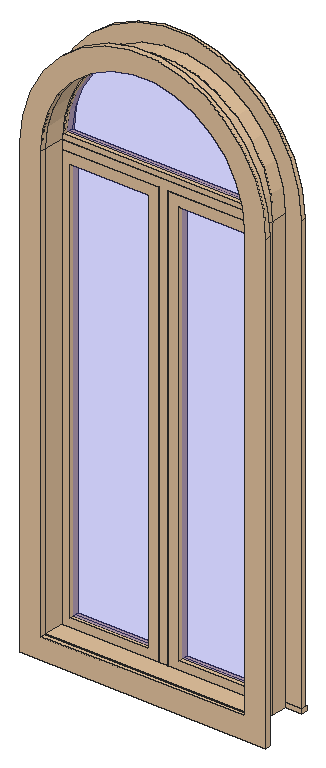
Revit family
Parameters (values of type "0915 x 1830mm")
  유리 창 재료 = 유리
  Height = 1830.00 mm
  Model = ""
  섀시 = 섀시
  기본 씰 높이 = 305.00 mm
  자르기 외부 재료 = 자르기
  자르기 내부 재료 = 자르기
  자르기 투영 - 외부 = 13.00 mm
  자르기 투영 - 내부 = 19.00 mm
  자르기 폭 - 외부 = 89.00 mm
  자르기 폭 - 내부 = 89.00 mm
  Wall Closure = (empty or 0)
  Width = 915.00 mm
  창 인세트 = 19.00 mm
Types (5, lengths in mm): name | Height | 기본 씰 높이 | Width
  (no name) | 1830.00 | 305.00 | 915.00
  0915 x 1830mm | 1830.00 | 305.00 | 915.00
  0915 x 1220mm | 1220.00 | 915.00 | 915.00
  1220 x 1220mm | 1220.00 | 915.00 | 1220.00
  1220 x 1830mm | 1830.00 | 305.00 | 1220.00
Reference planes
  plane 1: y = 0
  plane 2 "중심": x = 8.002
  plane 3 "왼쪽": x = 465.502
  plane 4 "오른쪽": x = -449.498
  plane 5 "씰": z = 305
  plane 6 "상단": z = 2135
  plane 7: z = 2154.05
  plane 8: z = 2154.05
  plane 9: z = 2154.05
  plane 10: z = 2154.05
  plane 11: z = 2154.05
  plane 12: z = 2154.05
  plane 13: z = 2154.05
  plane 14 "반지름": z = 1220
  plane 15: x = -430.448
  plane 16: x = -417.748
  plane 17: x = -519.448
  plane 18: x = -506.748
  plane 19: x = 433.752
  plane 20: x = 446.452
  plane 21: x = 522.752
  plane 22: x = 535.452
  plane 23: z = 247.75
  plane 24: z = 336.75
  plane 25 "마무리": y = 28.625
Forms (mm)
  Extrusion 1, solid, material "자르기" <- "자르기 내부 재료"
    sketch origin (8.002, -19.05, 0) x (-1, 0, 0) y (0, 0, 1)
      loop
        line (-457.5, 2154.05) -> (-457.5, 305) -> (457.5, 305) -> (457.5, 2154.05)
        arc (457.5, 2154.05) -> (0, 2611.55) -> (-457.5, 2154.05) r 457.5
      loop
        line (-425.75, 2154.05) -> (-425.75, 336.75) -> (425.75, 336.75) -> (425.75, 2154.05)
        arc (425.75, 2154.05) -> (0, 2579.8) -> (-425.75, 2154.05) r 425.75
    from 31.8 to -57.15
  Extrusion 2, solid, material "섀시" <- "섀시"
    sketch origin (8.002, -19.05, 0) x (-1, 0, 0) y (0, 0, 1)
      loop
        line (19.05, 2115.95) -> (19.05, 324.05) -> (438.45, 324.05) -> (438.45, 2115.95) -> (19.05, 2115.95)
      loop
        line (63.5, 2071.5) -> (63.5, 368.5) -> (394, 368.5) -> (394, 2071.5) -> (63.5, 2071.5)
    from 31.8 to 76.25
  Extrusion 3, solid, material "유리" <- "유리 창 재료"
    sketch origin (-116.968, -19.05, -117.036) x (1, 0, 0) y (0, 0, 1)
      loop
        line (-269.029, 2188.536) -> (-269.029, 485.536) -> (61.471, 485.536) -> (61.471, 2188.536) -> (-269.029, 2188.536)
    from -60.375 to -47.675
  Extrusion 4, solid, material "자르기" <- "자르기 외부 재료"
    sketch origin (8.002, -19.05, 0) x (-1, 0, 0) y (0, 0, 1)
      loop
        arc (-438.45, 2154.05) -> (0, 2592.5) -> (438.45, 2154.05) r 438.45
        line (438.45, 2154.05) -> (438.45, 324.05) -> (527.45, 324.05) -> (527.45, 2154.05)
        arc (527.45, 2154.05) -> (0, 2681.5) -> (-527.45, 2154.05) r 527.45
        line (-527.45, 2154.05) -> (-527.45, 324.05) -> (-438.45, 324.05) -> (-438.45, 2154.05)
    from 95.25 to 108.25
  Extrusion 5, solid, material "자르기" <- "자르기 외부 재료"
    sketch origin (8.002, -19.05, 0) x (-1, 0, 0) y (0, 0, 1)
      loop
        line (-527.45, 324.05) -> (-527.45, 305) -> (527.45, 305) -> (527.45, 324.05) -> (-527.45, 324.05)
    from 95.25 to 120.95
  Extrusion 6, solid, material "섀시" <- "섀시"
    sketch origin (8.002, -19.05, 0) x (1, 0, 0) y (0, 0, 1)
      loop
        line (-19.05, 2115.95) -> (-19.05, 324.05) -> (19.05, 324.05) -> (19.05, 2115.95) -> (438.45, 2115.95) -> (438.45, 2154.05) -> (-438.45, 2154.05) -> (-438.45, 2115.95) -> (-19.05, 2115.95)
    from -95.3 to -31.8
  Extrusion 7, solid, material "섀시" <- "섀시"
    sketch origin (8.002, -19.05, 0) x (-1, 0, 0) y (0, 0, 1)
      loop
        line (-438.45, 2115.95) -> (-438.45, 324.05) -> (-19.05, 324.05) -> (-19.05, 2115.95) -> (-438.45, 2115.95)
      loop
        line (-394, 2071.5) -> (-394, 368.5) -> (-63.5, 368.5) -> (-63.5, 2071.5) -> (-394, 2071.5)
    from 31.8 to 76.25
  Extrusion 8, solid, material "유리" <- "유리 창 재료"
    sketch origin (8.002, -19.05, 0) x (-1, 0, 0) y (0, 0, 1)
      loop
        line (-394, 2071.5) -> (-394, 368.5) -> (-63.5, 368.5) -> (-63.5, 2071.5) -> (-394, 2071.5)
    from 47.675 to 60.375
  Extrusion 9, solid, material "자르기" <- "자르기 외부 재료"
    sketch origin (0, -19.05, 0) x (1, 0, 0) y (0, 0, 1)
      loop
        line (-449.498, 2154.05) -> (-449.498, 305) -> (465.502, 305) -> (465.502, 2154.05)
        arc (465.502, 2154.05) -> (8.002, 2611.55) -> (-449.498, 2154.05) r 457.5
      loop
        line (-430.448, 2154.05) -> (-430.448, 324.05) -> (446.452, 324.05) -> (446.452, 2154.05)
        arc (446.452, 2154.05) -> (8.002, 2592.5) -> (-430.448, 2154.05) r 438.45
    from -95.25 to -31.8
  Extrusion 10, solid, material "섀시" <- "섀시"
    sketch origin (0, 0, 0) x (-1, 0, 0) y (0, 0, 1)
      loop
        arc (430.448, 2154.05) -> (-8.002, 2592.5) -> (-446.452, 2154.05) r 438.45
        line (-446.452, 2154.05) -> (430.448, 2154.05)
      loop
        arc (411.08, 2173.1) -> (-8.002, 2573.565) -> (-427.085, 2173.1) r 419.515
        line (-427.085, 2173.1) -> (411.08, 2173.1)
    from 12.75 to 57.2
  Extrusion 11, solid, material "유리" <- "유리 창 재료"
    sketch origin (0, 0, 0) x (-1, 0, 0) y (0, 0, 1)
      loop
        arc (411.08, 2173.1) -> (-8.002, 2573.565) -> (-427.085, 2173.1) r 419.515
        line (-427.085, 2173.1) -> (411.08, 2173.1)
    from 28.625 to 41.325
  Extrusion 12, solid, material "자르기" <- "자르기 내부 재료"
    sketch origin (0, 0, 0) x (1, 0, 0) y (0, 0, 1)
      loop
        arc (433.752, 2154.05) -> (8.002, 2579.8) -> (-417.748, 2154.05) r 425.75
        line (-417.748, 2154.05) -> (-417.748, 336.75) -> (433.752, 336.75) -> (433.752, 2154.05)
      loop
        arc (522.752, 2154.05) -> (8.002, 2668.8) -> (-506.748, 2154.05) r 514.75
        line (-506.748, 2154.05) -> (-506.748, 247.75) -> (522.752, 247.75) -> (522.752, 2154.05)
    from 76.2 to 95.2
Lines and regions (mm)
  Opening 1
    outline origin (-1524, -76.2, 0) x (1, 0, 0) y (0, 0, 1)
      loop
        line (1074.502, 2154.05) -> (1074.502, 305) -> (1989.502, 305) -> (1989.502, 2154.05)
        arc (1989.502, 2154.05) -> (1532.002, 2611.55) -> (1074.502, 2154.05) r 457.5
  symbolic lines, style "Windows"
    curve 1: line (-430.448, 76.2, 0) -> (-430.448, 12.75, 0)
    curve 2: line (-417.748, 12.75, 0) -> (-417.748, -76.2, 0)
    curve 3: line (-449.498, 76.2, 0) -> (-430.448, 76.2, 0)
    curve 4: line (-417.748, 12.75, 0) -> (-430.448, 12.75, 0)
    curve 5: line (-417.748, -76.2, 0) -> (-449.498, -76.2, 0)
    curve 6: line (-430.448, 57.2, 0) -> (-385.998, 57.2, 0)
    curve 7: line (-430.448, 57.2, 0) -> (-430.448, 12.75, 0)
    curve 8: line (-430.448, 12.75, 0) -> (-385.998, 12.75, 0)
    curve 9: line (-385.998, 57.2, 0) -> (-385.998, 12.75, 0)
    curve 10: line (446.452, 76.2, 0) -> (446.452, 12.75, 0)
    curve 11: line (433.752, 12.75, 0) -> (433.752, -76.2, 0)
    curve 12: line (402.002, 57.2, 0) -> (402.002, 12.75, 0)
    curve 13: line (446.452, 76.2, 0) -> (465.502, 76.2, 0)
    curve 14: line (402.002, 57.2, 0) -> (446.452, 57.2, 0)
    curve 15: line (402.002, 12.75, 0) -> (446.452, 12.75, 0)
    curve 16: line (433.752, -76.2, 0) -> (465.502, -76.2, 0)
    curve 17: line (-55.498, 12.75, 0) -> (-55.498, 57.2, 0)
    curve 18: line (-55.498, 57.2, 0) -> (-11.048, 57.2, 0)
    curve 19: line (-11.048, 57.2, 0) -> (-11.048, 76.25, 0)
    curve 20: line (-11.048, 76.25, 0) -> (27.052, 76.25, 0)
    curve 21: line (27.052, 76.25, 0) -> (27.052, 57.2, 0)
    curve 22: line (27.052, 57.2, 0) -> (71.502, 57.2, 0)
    curve 23: line (71.502, 57.2, 0) -> (71.502, 12.75, 0)
    curve 24: line (71.502, 12.75, 0) -> (-55.498, 12.75, 0)
    curve 25: line (-11.048, 57.2, 0) -> (-11.048, 12.75, 0)
    curve 26: line (27.052, 57.2, 0) -> (27.052, 12.75, 0)
    curve 27: line (-385.998, 34.975, 0) -> (-55.498, 34.975, 0)
    curve 28: line (71.502, 34.975, 0) -> (402.002, 34.975, 0)
  symbolic lines, style "입면도 스윙"
    curve 29: line (27.052, 0, 2115.95) -> (446.452, 0, 1220)
    curve 30: line (446.452, 0, 1220) -> (27.052, 0, 324.05)
    curve 31: line (-11.048, 0, 324.05) -> (-430.448, 0, 1220)
    curve 32: line (-11.048, 0, 2115.95) -> (-430.448, 0, 1220)
Text (mm)
  text "외부" at (0, 1019.848, 3124.603), in view "오른쪽"
  text "외부" at (-1787.662, 723.012, 0), in view "바닥 선"
  text "외부" at (0, 1206.291, 3571.227), in view "왼쪽"
Dimensions and locks
  equal spacing: plane 4 "오른쪽", plane 2 "중심", plane 3 "왼쪽"
  "기본 씰 높이": host wall to plane 5 "씰"
  locked: plane 6 "상단" to plane 7 at 19.05
  locked: plane 6 "상단" to plane 8 at 19.05
  locked: plane 6 "상단" to plane 9 at 19.05
  locked: plane 6 "상단" to plane 10 at 19.05
  locked: plane 6 "상단" to plane 11 at 19.05
  locked: plane 6 "상단" to plane 12 at 19.05
  locked: Extrusion 6 to Extrusion 2 at 19.05
  "자르기 투영 - 외부": Extrusion 4 to Extrusion 4
  locked: Extrusion 5 to Extrusion 4 at 12.7
  locked: Extrusion 2 to Extrusion 2 at 44.45
  locked: Extrusion 2 to Extrusion 3 at 15.875
  locked: Extrusion 3 to Extrusion 3 at 12.7
  locked: Extrusion 6 to Extrusion 6 at 63.5
  "자르기 투영 - 내부": Extrusion 12 to Extrusion 12
  "창 인세트": Extrusion 4 to Extrusion 10
  equal spacing: plane 5 "씰", plane 14 "반지름", plane 6 "상단"
  locked: plane 13 to plane 6 "상단" at 19.05
  locked: plane 20 to plane 3 "왼쪽" at 19.05
  locked: plane 19 to plane 3 "왼쪽" at 31.75
  locked: plane 4 "오른쪽" to plane 15 at 19.05
  locked: plane 4 "오른쪽" to plane 16 at 31.75
  "자르기 폭 - 외부": plane 22 to plane 20
  "자르기 폭 - 외부": plane 15 to plane 17
  locked: plane 24 to plane 5 "씰" at 31.75
  "자르기 폭 - 내부": plane 24 to plane 23
  "자르기 폭 - 내부": plane 16 to plane 18
  "자르기 폭 - 내부": plane 21 to plane 19
  locked: Extrusion 5 sketch curve to Extrusion 5 sketch curve at 19.05
  "Width": plane 4 "오른쪽" to plane 3 "왼쪽"
  "Height": plane 5 "씰" to plane 6 "상단"
  locked: host wall to plane 25 "마무리" at 47.575
  aligned and locked: plane 4 "오른쪽" to Opening 1 sketch curve  (x2)
  aligned and locked: plane 3 "왼쪽" to Opening 1 sketch curve
  aligned and locked: Extrusion 3 sketch curve to Extrusion 2  (x4)
  aligned and locked: Extrusion 5 sketch curve to Extrusion 4
  aligned and locked: Extrusion 2 sketch curve to Extrusion 6
  aligned and locked: Extrusion 7 sketch curve to Extrusion 6  (x2)
  aligned and locked: Extrusion 8 sketch curve to Extrusion 7  (x4)
  aligned and locked: plane 8 to Extrusion 4 sketch curve  (x2)
  aligned and locked: Extrusion 4 sketch curve to plane 8
  aligned and locked: Extrusion 9 sketch curve to Extrusion 4  (x3)
  aligned and locked: Extrusion 9 sketch curve to plane 3 "왼쪽"
  aligned and locked: Extrusion 9 sketch curve to plane 4 "오른쪽"
  aligned and locked: Extrusion 1 sketch curve to Extrusion 9  (x2)
  aligned and locked: Extrusion 9 to Extrusion 1
  aligned and locked: Extrusion 10 sketch curve to Extrusion 4  (x2)
  aligned and locked: Extrusion 10 to Extrusion 1
  aligned and locked: Extrusion 6 sketch curve to Extrusion 4  (x2)
  aligned and locked: Extrusion 11 sketch curve to Extrusion 10  (x2)
  aligned and locked: Extrusion 11 to Extrusion 3
  aligned and locked: Extrusion 5 to host wall
  aligned and locked: Extrusion 2 to Extrusion 7
  aligned and locked: Extrusion 10 to Extrusion 2
  aligned and locked: host wall to Extrusion 9
  aligned and locked: Extrusion 4 to host wall
  aligned and locked: host wall to Extrusion 1
  aligned and locked: Extrusion 3 to Extrusion 11
  aligned and locked: Extrusion 8 to Extrusion 3  (x2)
  aligned and locked: Extrusion 9 to Extrusion 2
  aligned and locked: Extrusion 6 to Extrusion 1  (x4)
  aligned and locked: Extrusion 7 to Extrusion 1
  aligned and locked: Extrusion 6 to curve 1
  aligned and locked: Extrusion 9 to curve 3
  aligned and locked: Extrusion 9 to curve 10
  aligned and locked: curve 11 to Extrusion 1
  aligned and locked: curve 12 to Extrusion 7
  aligned and locked: curve 25 to Extrusion 2
  aligned and locked: curve 26 to Extrusion 7
  aligned and locked: Extrusion 1 to curve 16
  aligned and locked: Extrusion 4 to curve 3
  aligned and locked: Extrusion 4 to curve 13
  aligned and locked: curve 5 to Extrusion 1
  aligned and locked: Extrusion 12 sketch curve to Extrusion 1  (x3)
  aligned and locked: plane 13 to Extrusion 12 sketch curve
  aligned and locked: Extrusion 12 to host wall
  aligned and locked: curve 6 to Extrusion 2
  aligned and locked: Extrusion 1 to curve 24
  aligned and locked: curve 22 to Extrusion 7
  aligned and locked: curve 15 to Extrusion 1
  aligned and locked: curve 14 to Extrusion 7
  aligned and locked: curve 8 to Extrusion 1
  aligned and locked: Extrusion 1 to curve 4
  aligned and locked: curve 18 to Extrusion 2
  aligned and locked: curve 27 to curve 28
Automatic sketch dimensions
  Opening 1 sketch curve to plane 5 "씰" = 0.00 mm
  Opening 1 sketch curve to plane 7 = 0.00 mm
  Extrusion 2 sketch curve to Extrusion 2 sketch curve = 44.45 mm  (x2)
  plane 4 "오른쪽" to Extrusion 2 sketch curve = 63.50 mm
  plane 4 "오른쪽" to Extrusion 2 sketch curve = 19.05 mm
  Extrusion 2 sketch curve to plane 5 "씰" = 19.05 mm
  plane 6 "상단" to Extrusion 2 sketch curve = 63.50 mm
  plane 6 "상단" to Extrusion 2 sketch curve = 19.05 mm
  plane 2 "중심" to Extrusion 7 sketch curve = 63.50 mm
  Extrusion 7 sketch curve to plane 3 "왼쪽" = 63.50 mm
  Extrusion 7 sketch curve to plane 3 "왼쪽" = 19.05 mm
  Extrusion 7 sketch curve to Extrusion 7 sketch curve = 44.45 mm
  plane 6 "상단" to Extrusion 7 sketch curve = 63.50 mm
  plane 6 "상단" to Extrusion 7 sketch curve = 19.05 mm
  Extrusion 9 sketch curve to plane 5 "씰" = 0.00 mm
  Extrusion 9 sketch curve to plane 9 = 0.00 mm
  Extrusion 9 sketch curve to plane 5 "씰" = 19.05 mm
  Extrusion 1 sketch curve to plane 3 "왼쪽" = 0.00 mm
  Extrusion 1 sketch curve to plane 10 = 0.00 mm
  Extrusion 1 sketch curve to plane 2 "중심" = 0.00 mm
  Extrusion 1 sketch curve to plane 5 "씰" = 0.00 mm
  Extrusion 1 sketch curve to plane 5 "씰" = 31.75 mm
  Extrusion 1 sketch curve to Extrusion 1 sketch curve = 31.75 mm
  Extrusion 10 sketch curve to plane 2 "중심" = 0.00 mm  (x2)
  Extrusion 10 sketch curve to Extrusion 10 sketch curve = 19.368 mm  (x2)
  Extrusion 10 sketch curve to Extrusion 10 sketch curve = 0.00 mm
  Extrusion 10 sketch curve to plane 12 = 0.00 mm
  Extrusion 10 sketch curve to Extrusion 10 sketch curve = 19.05 mm
  Extrusion 6 sketch curve to plane 11 = 0.00 mm
  plane 2 "중심" to Extrusion 6 sketch curve = 19.05 mm
  Extrusion 6 sketch curve to plane 2 "중심" = 19.05 mm
  plane 6 "상단" to Extrusion 6 sketch curve = 19.05 mm  (x2)
  Extrusion 6 sketch curve to plane 5 "씰" = 19.05 mm
  Extrusion 11 sketch curve to plane 2 "중심" = 0.00 mm
  Extrusion 11 sketch curve to plane 3 "왼쪽" = 38.418 mm
  Extrusion 11 sketch curve to plane 6 "상단" = 19.05 mm
  curve 5 to plane 4 "오른쪽" = 0.00 mm
  curve 13 to plane 3 "왼쪽" = 0.00 mm
  curve 16 to plane 3 "왼쪽" = 0.00 mm
  plane 4 "오른쪽" to curve 2 = 31.75 mm
  curve 6 to curve 6 = 44.45 mm
  curve 27 to curve 25 = 44.45 mm
  curve 26 to curve 23 = 44.45 mm
  curve 28 to curve 22 = 22.225 mm
  curve 18 to curve 19 = 19.05 mm
  Extrusion 12 sketch curve to plane 18 = 0.00 mm
  Extrusion 12 sketch curve to plane 16 = 0.00 mm
  Extrusion 12 sketch curve to plane 2 "중심" = 0.00 mm
  Extrusion 12 sketch curve to plane 23 = 0.00 mm
  Extrusion 12 sketch curve to plane 24 = 0.00 mm
  Extrusion 5 sketch curve to plane 5 "씰" = 0.00 mm
  Extrusion 5 sketch curve to plane 17 = 0.00 mm
  Extrusion 4 sketch curve to plane 22 = 0.00 mm
  Extrusion 4 sketch curve to plane 20 = 0.00 mm
  Extrusion 4 sketch curve to plane 2 "중심" = 0.00 mm  (x2)
  Extrusion 4 sketch curve to plane 5 "씰" = 19.05 mm  (x2)
  curve 32 to plane 14 "반지름" = 0.00 mm
  curve 30 to plane 14 "반지름" = 0.00 mm
  curve 32 to plane 15 = 0.00 mm
  curve 30 to plane 20 = 0.00 mm
  plane 6 "상단" to curve 29 = 19.05 mm
  plane 6 "상단" to curve 32 = 19.05 mm
  plane 24 to curve 31 = 12.70 mm
  plane 24 to curve 30 = 12.70 mm
  curve 31 to plane 2 "중심" = 19.05 mm
  curve 32 to plane 2 "중심" = 19.05 mm
  plane 2 "중심" to curve 30 = 19.05 mm
  plane 2 "중심" to curve 29 = 19.05 mm
